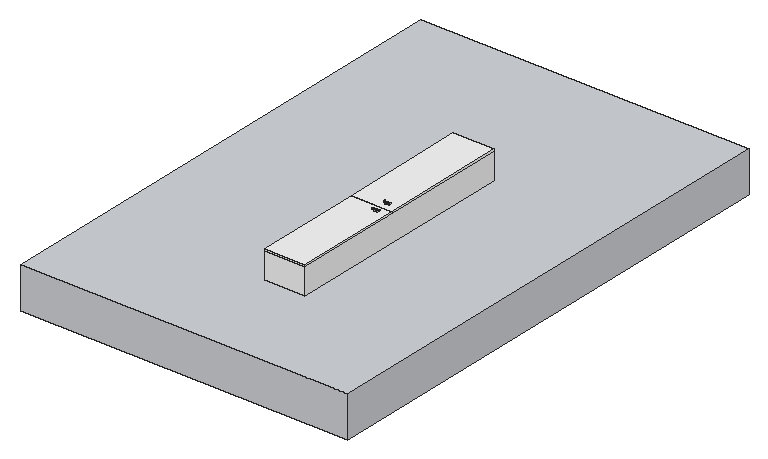
Revit family "IS_ConnectSpace_E0379_BIM_DE", category Casework, host Face, Revit 2015
Parameters (values of type "E0412WG - Concept Space 300 x 200 mm  - Tall Unit - 2Door - Gloss White")
  Width = NominalWidth  # 300 mm
  WarrantyStartDate [instance] = "1900-12-31T23:59:59"
  WarrantyGuarantorParts = "n/a"
  WarrantyGuarantorLabor = "n/a"
  WarrantyDurationUnit = "year"
  WarrantyDurationParts = "n/a"
  WarrantyDurationLabor = "n/a"
  WarrantyDescription = "n/a"
  VolumeUnits = "Litres"
  Version = "2"
  Uniclass2015Version = "Products v1.1"
  Uniclass2015Title = "Bathroom cabinets"
  Uniclass2015Code = "Pr_40_30_78_03"
  URL = "www.idealstandard.com"
  Type Comments = "n/a"
  TagNumber [instance] = "n/a"
  SustainabilityPerformance = "FSC"
  Style = "Bathroom cabinets"
  SpareParts = "www.idealstandard.de/ersatzteile"
  Space = "Internal"
  Size = "1750 x 210 x 300 mm"
  Shape = "Rectangular"
  SerialNumber [instance] = "n/a"
  Revision = "n/a"
  ReplacementCost = "n/a"
  ProductInformation = "www.idealstandard.de/produkte"
  Phone = "+49228 5210"
  NominalWidth = 300 mm
  NominalLength = 210 mm
  NominalHeight = 1750 mm
  NominalDepth = 210 mm
  NettWeight = "21 Kg"
  Name = "BathroomIntegratedFurniture_ConnectSpace_E0412WG_IdealStandard"
  NBSTypeID = "n/a"
  NBSReference = "45-35-72/320"
  NBSOfficeMasterTag = "n/a"
  NBSNote = "n/a"
  NBSDescription = "Bathroom integrated furniture"
  NBSCertification = "n/a"
  ModelReference = Description  # "E0379WG CONNECT SPACE column 300x210mm, 2 doors"
  ModelNumber = Model  # "E0379WG"
  MetalMtl = ISI_IdealStandard_Furniture_Chrome2_Render
  Material = "Varies, see product information"
  ManufacturerURL = "www.idealstandard.com"
  MainColor = "Gloss White"
  LinearUnits = "millimeters"
  LaminateMtl = ISI_IdealStandard_Laminate_Furniture_GlossWhite_Render
  Keynote = "n/a"
  InstallationInstructions = "www.idealstandard.de\\produkte"
  InstallationDate [instance] = "1900-12-31T23:59:59"
  IfcExportType = "Bathroom integrated furniture"
  IfcExportAs = "IfcFurnitureType"
  Height = NominalHeight  # 1750 mm
  GrossWeight = "n/a"
  Grade = "n/a"
  Finish = "Gloss White"
  Features = "CONNECT SPACE column 300x210mm, 2 doors"
  ExpectedLife = "25"
  DurationUnit = "year"
  Depth = NominalDepth  # 210 mm
  CurrencyUnit = "n/a"
  CreatedOn = "2016-09-05"
  Cost = 0
  Constituents = "n/a"
  ConnectionType = "Mechanical"
  Color = "Gloss White"
  CodePerformance = "FSC, EN 14749:2005"
  Reference = "n/a"
  Model = "E0379WG"
  Manufacturer = "idealstandard.de@idealstandard.com"
  Description = "E0379WG CONNECT SPACE column 300x210mm, 2 doors"
  Default Elevation = 2000 mm
  Category = "n/a"
  Brand = "Ideal Standard"
  BarCode = "5017830455523"
  BIMObjectName = "ISI_IdealStandard_BathroomIntegratedFurniture_ConnectSpace_E0412WG"
  Author = "Ideal Standard GmbH"
  AssetType = "Fixed"
  AssetIdentifier [instance] = "n/a"
  Assembly Code = "C1030200"
  AreaUnits = "millimeters"
  AreaMeasurement = "n/a"
  Accessories = "www.idealstandard.de\\ersatzteile"
  AccessibilityPerformance = "n/a"
Types (3, lengths in mm): name | NettWeight | Name | ModelReference | ModelNumber | MainColor | LaminateMtl | Finish | Color | Model | Description | BarCode | BIMObjectName
  E0412WG - Concept Space 300 x 200 mm  - Tall Unit - 2Door - Gloss White | "21 Kg" | "BathroomIntegratedFurniture_ConnectSpace_E0412WG_IdealStandard" | "E0379WG CONNECT SPACE column 300x210mm, 2 doors" | "E0379WG" | "Gloss White" | ISI_IdealStandard_Laminate_Furniture_GlossWhite_Render | "Gloss White" | "Gloss White" | "E0379WG" | "E0379WG CONNECT SPACE column 300x210mm, 2 doors" | "5017830455523" | "ISI_IdealStandard_BathroomIntegratedFurniture_ConnectSpace_E0412WG"
  E0412KS - Concept Space 300 x 200 mm  - Tall Unit - 2Door - Elm | "21 Kg" | "BathroomIntegratedFurniture_ConnectSpace_E0412KS_IdealStandard" | "E0379KS CONNECT SPACE column 300x210mm, 2 doors" | "E0379KS" | "Elm" | ISI_IdealStandard_Laminate_Furniture_Elm_Render | "Elm" | "Elm" | "E0379KS" | "E0379KS CONNECT SPACE column 300x210mm, 2 doors" | "5017830455493" | "ISI_IdealStandard_BathroomIntegratedFurniture_ConnectSpace_E0412KS"
  E0412KR - Concept Space 300 x 200 mm  - Tall Unit - 2Door - Dark Grey | "22 Kg" | "BathroomIntegratedFurniture_ConnectSpace_E0412KR_IdealStandard" | "E0379KR CONNECT SPACE column 300x210mm, 2 doors" | "E0379KR" | "Gloss Grey" | ISI_IdealStandard_Laminate_Furniture_DarkGrey_Render | "Gloss Grey" | "Gloss Grey" | "E0379KR" | "E0379KR CONNECT SPACE column 300x210mm, 2 doors" | "5017830455486" | "ISI_IdealStandard_BathroomIntegratedFurniture_ConnectSpace_E0412KR"
Reference planes
  plane 1 "Center (Front/Back)": y = 0
  plane 2: z = 0
  plane 3 "Center (Left/Right)": x = 0
  plane 4: x = 300
  plane 5: y = -1750
  plane 6: z = 210
  plane 7: z = 192
  plane 8: y = -945.48
  plane 9: x = 150
  plane 10: x = 225
  plane 11: x = 240
  plane 12: x = 250
  plane 13: y = -888.48
  plane 14: x = 210
  plane 15: x = 200
  plane 16: y = -895.48
  plane 17: z = 224
  plane 18: z = 220
  plane 19: x = 225
  plane 20: x = 240
  plane 21: x = 250
  plane 22: y = -1002.48
  plane 23: x = 210
  plane 24: x = 200
  plane 25: y = -995.48
Forms (mm)
  Extrusion 1, solid
    sketch origin (0, 0, 0) x (1, 0, 0) y (0, 1, 0)
      loop
        line (-1219.2, 1219.2) -> (-1219.2, -2498.91) -> (1219.2, -2498.91) -> (1219.2, 1219.2) -> (-1219.2, 1219.2)
    from 0 to -304.8
  Extrusion 2, solid, material "ISI_IdealStandard_Laminate_Furniture_GlossWhite_Render" <- "LaminateMtl"
    sketch origin (0, 0, 0) x (1, 0, 0) y (0, 1, 0)
      loop
        line (0, 0) -> (0, -1750) -> (300, -1750) -> (300, 0) -> (0, 0)
    from 0 to 192
  Extrusion 3, solid, material "ISI_IdealStandard_Laminate_Furniture_GlossWhite_Render" <- "LaminateMtl"
    sketch origin (-18.281, -4572, 192) x (-1, 0, 0) y (0, -1, 0)
      loop
        line (-18.281, -4572) -> (-18.281, -3626.52) -> (-318.281, -3626.52) -> (-318.281, -4572) -> (-18.281, -4572)
    from 0 to 18
  Extrusion 4, solid, material "ISI_IdealStandard_Laminate_Furniture_GlossWhite_Render" <- "LaminateMtl"
    sketch origin (-18.281, -4572, 192) x (-1, 0, 0) y (0, -1, 0)
      loop
        line (-18.281, -3626.52) -> (-18.281, -2822) -> (-318.281, -2822) -> (-318.281, -3626.52) -> (-18.281, -3626.52)
    from 0 to 18
  Extrusion 5, solid, material "ISI_IdealStandard_Furniture_Chrome2_Render" <- "MetalMtl", detail levels medium+fine
    sketch origin (-208.909, -4572, 210) x (-1, 0, 0) y (0, -1, 0)
      loop
        arc (-421.909, -3683.52) -> (-419.788, -3682.642) -> (-418.909, -3680.52) r 3
        line (-418.909, -3680.52) -> (-418.909, -3679.52)
        arc (-418.909, -3679.52) -> (-419.788, -3677.399) -> (-421.909, -3676.52) r 3
        line (-421.909, -3676.52) -> (-445.909, -3676.52)
        arc (-445.909, -3676.52) -> (-448.03, -3677.399) -> (-448.909, -3679.52) r 3
        line (-448.909, -3679.52) -> (-448.909, -3680.52)
        arc (-448.909, -3680.52) -> (-448.03, -3682.642) -> (-445.909, -3683.52) r 3
        line (-445.909, -3683.52) -> (-421.909, -3683.52)
    from 0 to 10
  Extrusion 6, solid, material "ISI_IdealStandard_Furniture_Chrome2_Render" <- "MetalMtl", detail levels medium+fine
    sketch origin (194.13, -4572, 220) x (-1, 0, 0) y (0, -1, 0)
      loop
        arc (-8.87, -3684.52) -> (-6.749, -3683.642) -> (-5.87, -3681.52) r 3
        line (-5.87, -3681.52) -> (-5.87, -3678.52)
        arc (-5.87, -3678.52) -> (-6.749, -3676.399) -> (-8.87, -3675.52) r 3
        line (-8.87, -3675.52) -> (-52.87, -3675.52)
        arc (-52.87, -3675.52) -> (-54.991, -3676.399) -> (-55.87, -3678.52) r 3
        line (-55.87, -3678.52) -> (-55.87, -3681.52)
        arc (-55.87, -3681.52) -> (-54.991, -3683.642) -> (-52.87, -3684.52) r 3
        line (-52.87, -3684.52) -> (-8.87, -3684.52)
    from 0 to 4
  Extrusion 7, solid, material "ISI_IdealStandard_Furniture_Chrome2_Render" <- "MetalMtl", detail levels medium+fine
    sketch origin (-208.909, 2681.041, 210) x (-1, 0, 0) y (0, -1, 0)
      loop
        line (-421.909, 3683.52) -> (-445.909, 3683.52)
        arc (-445.909, 3683.52) -> (-448.03, 3682.642) -> (-448.909, 3680.52) r 3
        line (-448.909, 3680.52) -> (-448.909, 3679.52)
        arc (-448.909, 3679.52) -> (-448.03, 3677.399) -> (-445.909, 3676.52) r 3
        line (-445.909, 3676.52) -> (-421.909, 3676.52)
        arc (-421.909, 3676.52) -> (-419.788, 3677.399) -> (-418.909, 3679.52) r 3
        line (-418.909, 3679.52) -> (-418.909, 3680.52)
        arc (-418.909, 3680.52) -> (-419.788, 3682.642) -> (-421.909, 3683.52) r 3
    from 0 to 10
  Extrusion 8, solid, material "ISI_IdealStandard_Furniture_Chrome2_Render" <- "MetalMtl", detail levels medium+fine
    sketch origin (194.13, 2681.041, 220) x (-1, 0, 0) y (0, -1, 0)
      loop
        line (-8.87, 3684.52) -> (-52.87, 3684.52)
        arc (-52.87, 3684.52) -> (-54.991, 3683.642) -> (-55.87, 3681.52) r 3
        line (-55.87, 3681.52) -> (-55.87, 3678.52)
        arc (-55.87, 3678.52) -> (-54.991, 3676.399) -> (-52.87, 3675.52) r 3
        line (-52.87, 3675.52) -> (-8.87, 3675.52)
        arc (-8.87, 3675.52) -> (-6.749, 3676.399) -> (-5.87, 3678.52) r 3
        line (-5.87, 3678.52) -> (-5.87, 3681.52)
        arc (-5.87, 3681.52) -> (-6.749, 3683.642) -> (-8.87, 3684.52) r 3
    from 0 to 4
Dimensions and locks
  "NominalHeight": plane 5 to plane 1 "Center (Front/Back)"
  "NominalWidth": plane 3 "Center (Left/Right)" to plane 4
  "NominalDepth": plane 6 to Extrusion 1
  locked: plane 6 to plane 7 at 18
  locked: plane 8 to plane 1 "Center (Front/Back)" at 945.48
  plane 8 to plane 5 = 804.52 mm
  locked: plane 16 to plane 8 at 50
  locked: plane 15 to plane 12 at 50
  locked: plane 12 to Extrusion 3 at 50
  aligned and locked: plane 2 to Extrusion 1
  aligned and locked: level to Extrusion 1
  aligned and locked: plane 1 "Center (Front/Back)" to Extrusion 2 sketch curve
  aligned and locked: plane 3 "Center (Left/Right)" to Extrusion 2 sketch curve
  aligned and locked: plane 5 to Extrusion 2 sketch curve
  aligned and locked: Extrusion 2 sketch curve to plane 4
  aligned and locked: plane 7 to Extrusion 2
  aligned and locked: Extrusion 2 to level
  aligned and locked: Extrusion 3 sketch curve to Extrusion 2  (x2)
  aligned and locked: plane 8 to Extrusion 3 sketch curve
  aligned and locked: Extrusion 3 sketch curve to plane 4
  aligned and locked: plane 6 to Extrusion 3
  aligned and locked: Extrusion 3 to plane 7
  aligned and locked: Extrusion 4 sketch curve to Extrusion 3  (x2)
  aligned and locked: Extrusion 4 sketch curve to Extrusion 2  (x2)
  aligned and locked: plane 6 to Extrusion 4
  aligned and locked: Extrusion 4 to plane 7
  aligned and locked: plane 14 to Extrusion 5 sketch curve
  aligned and locked: Extrusion 5 sketch curve to plane 13
  aligned and locked: plane 16 to Extrusion 5 sketch curve
  aligned and locked: plane 18 to Extrusion 5
  aligned and locked: Extrusion 5 to plane 6
  aligned and locked: plane 15 to Extrusion 6 sketch curve
  aligned and locked: plane 12 to Extrusion 6 sketch curve
  aligned and locked: Extrusion 6 to Extrusion 5
  aligned and locked: plane 17 to Extrusion 6
  aligned and locked: plane 23 to Extrusion 7 sketch curve
  aligned and locked: plane 22 to Extrusion 7 sketch curve
  aligned and locked: Extrusion 7 sketch curve to plane 25
  aligned and locked: plane 24 to Extrusion 8 sketch curve
  aligned and locked: plane 21 to Extrusion 8 sketch curve
  aligned and locked: Extrusion 7 to Extrusion 8
Automatic sketch dimensions
  Extrusion 1 sketch curve to Extrusion 1 sketch curve = 2438.4 mm
  Extrusion 1 sketch curve to Extrusion 1 sketch curve = 3718.11 mm
  Extrusion 5 sketch curve to plane 11 = 0 mm
  plane 11 to Extrusion 5 sketch curve = 3 mm  (x2)
  plane 14 to Extrusion 5 sketch curve = 3 mm
  Extrusion 5 sketch curve to Extrusion 5 sketch curve = 0 mm
  plane 13 to Extrusion 6 sketch curve = 1 mm
  plane 12 to Extrusion 6 sketch curve = 3 mm  (x2)
  Extrusion 6 sketch curve to plane 16 = 1 mm
  plane 16 to Extrusion 6 sketch curve = 2 mm
  Extrusion 6 sketch curve to plane 13 = 2 mm
  Extrusion 7 sketch curve to plane 11 = 0 mm
  plane 11 to Extrusion 7 sketch curve = 3 mm  (x2)
  plane 14 to Extrusion 7 sketch curve = 3 mm
  Extrusion 7 sketch curve to Extrusion 7 sketch curve = 0 mm
  plane 22 to Extrusion 8 sketch curve = 1 mm
  plane 12 to Extrusion 8 sketch curve = 3 mm  (x2)
  Extrusion 8 sketch curve to plane 25 = 1 mm
  plane 25 to Extrusion 8 sketch curve = 2 mm
  Extrusion 8 sketch curve to plane 22 = 2 mm
